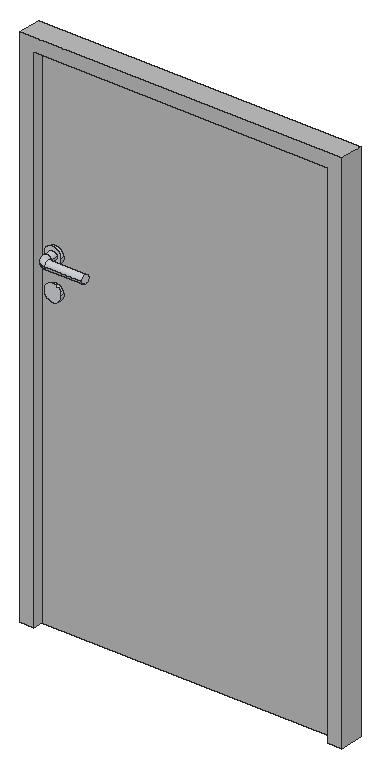
Revit family "BRU_Дверь_Однопольная_Стальная", category Двери, Revit 2021
Family settings
  Основа = Стена
  Номер OmniClass = 23.30.10.00
  Заголовок OmniClass = Doors
  Всегда вертикально = Да
  При загрузке вырезать с полостями = Нет
  Общий = Нет
  Точка принадлежности помещению = Нет
Parameters (values of type "ДСН-О-Н-EI30 1000х1600(h) Л")
  Четверть сверху.Размер [instance] = 30 mm
  Четверть сверху [instance] = if([Четверть (есть/нет)], Четверть сверху.Размер, 0 mm)  # 0 mm
  Четверть сбоку [instance] = if([Четверть (есть/нет)], Четверти сбоку.Размер, 0 mm)  # 0 mm
  Четверть (есть/нет) [instance] = no
  Четверти сбоку.Размер [instance] = 30 mm
  Угол в плане 30 [instance] = yes
  Тип полотна двери = Полотно : Глухое
  Ручка двери = none
  Рама двери.Ширина справа = 80 mm
  Рама двери.Ширина слева = 80 mm
  Рама двери.Ширина внизу = 80 mm
  Рама двери.Ширина вверху = 80 mm
  Полотно.Толщина = 40 mm
  Полотно двери. Высота = Height - Коробка.Ширина  # 1550 mm
  Площадь [instance] = Rough Width * Rough Height  # 1.4352 m²
  Откосы.Ширина [instance] = 530 mm
  Define Thermal Properties by = 1
  Fire Rating = ""
  О_Обозначение = ""
  О_Наименование = ""
  Наличник.Ширина [instance] = 60 mm
  Наличник.Толщина [instance] = 10 mm
  Наличник снаружи (есть/нет) [instance] = no
  Наличник внутри (есть/нет) [instance] = no
  Монтажный зазор снизу.Толщина [instance] = 130 mm
  Монтажный зазор сверху.Толщина = 20 mm
  Монтажный зазор сбоку.Толщина = 20 mm
  Коробка.Ширина = 30 mm
  Коробка.Толщина = 70 mm
  Type Comments = ""
  Защитное ограждение (есть/нет) = no
  Глубина выреза проема наружу [instance] = 200 mm
  Глубина выреза проема внутрь [instance] = 200 mm
  Глубина вставки двери [instance] = 0 mm
  Аналитическая конструкция = "<Нет>"
  Правая = no
  Полотно двери = none
  Остекление двери = none
  Левая = not(Правая)  # yes
  Огибание наружных слоев [instance] = 0 mm
  Width = 960 mm
  Rough Width [instance] = Width - Монтажный зазор сбоку.Толщина * 2  # 920 mm
  Rough Height [instance] = Height - Монтажный зазор сверху.Толщина  # 1560 mm
  Группа модели = "Дверь глухая с порогом"
  Manufacturer = ""
  Wall Closure = (empty or 0)
  Height = 1580 mm
  Описание = "Дверь деревянная внутренняя глухая"
  Тип конструкций = "Дверь деревянная"
  BRU_ДверьТип = "BRU_Дверь_Однопольная_Стальная_МОП_Противопожарная"
  ADSK_Этаж [instance] = ""
  ADSK_Толщина стены [instance] = 0 mm
  ADSK_Примечание [instance] = ""
  ADSK_Предел огнестойкости = "EI30"
  ADSK_Позиция [instance] = ""
  ADSK_Открывание = if(Правая, "Правая", "Левая")  # "Левая"
  ADSK_Обозначение = "ГОСТ 6629-88"  # constant formula
  ADSK_Наименование краткое = ""
  ADSK_Наименование = "ДСН-О-Н-EI30 1000х1600(h)"
  ADSK_Масса_Текст = ""
  ADSK_Количество [instance] = 0
  ADSK_Код изделия = ""
  ADSK_Зона [instance] = ""
  ADSK_Завод-изготовитель = ""
  ADSK_Единица измерения = ""
  ADSK_Группирование [instance] = ""
  ADSK_URL страницы изделия = ""
  ADSK_URL документации изделия = ""
Types (4, lengths in mm): name | Полотно двери. Высота | Площадь | Правая | Левая | Width | Rough Width | Rough Height | Группа модели | Height | ADSK_Предел огнестойкости | ADSK_Открывание | ADSK_Наименование
  ДСН-О-Н-EI30 1000х1600(h) Пр | 1550 | 1.4352 m² | yes | no | 960 | 920 | 1560 | "Дверь глухая с порогом" | 1580 | "EI30" | "Правая" | "ДСН-О-Н-EI30 1000х1600(h)"
  ДСН-О-Н-EI30 1000х1600(h) Л | 1550 | 1.4352 m² | no | yes | 960 | 920 | 1560 | "Дверь глухая с порогом" | 1580 | "EI30" | "Левая" | "ДСН-О-Н-EI30 1000х1600(h)"
  ДСВ-О-Вн-EI30 1250х2400(h) Пр | 2350 | 2.7612 m² | yes | no | 1210 | 1170 | 2360 | "Дверь глухая без порога" | 2380 | "EI30\r\n\r\n\r\n\r\n\r\nE30" | "Правая" | "ДСВ-О-Вн-EI30 1250х2400(h)"
  ДСВ-О-Вн-EI30 1250х2400(h) Л | 2350 | 2.7612 m² | no | yes | 1210 | 1170 | 2360 | "Дверь глухая без порога" | 2380 | "EI30\r\n\r\n\r\n\r\n\r\nE30" | "Левая" | "ДСВ-О-Вн-EI30 1250х2400(h)"
Reference planes
  plane 1: y = 0
  plane 2 "По центру (Влево/Вправо)": x = 0
  plane 3 "Слева": x = -460
  plane 4 "Справа": x = 460
  plane 5: z = 1730
  plane 6 "Наружный": y = 300
  plane 7 "Внутренние": y = -300
  plane 8 "Вставка двери": y = 300
  plane 9 "Четверть слева": x = -460
  plane 10 "Четверть справа": x = 460
  plane 11 "Четверть сверху": z = 1730
  plane 12 "Полотно двери": y = 260
  plane 13 "Рама внутри": y = 230
  plane 14 "Монтажный зазор слева": x = -480
  plane 15 "Монтажный зазор справа": x = 480
  plane 16 "Монтажный зазор сверху": z = 1710
  plane 17 "Глубина огибания наружного слоя": y = 300
  plane 18: y = 310
  plane 19: x = 450
  plane 20: y = -310
  plane 21: x = -450
  plane 22: y = 500
  plane 23: y = -500
  plane 24 "2": z = 130
Forms (mm)
  Extrusion 1, void
    sketch origin (0, 0, 0) x (1, 0, 0) y (0, 1, 0)
      loop
        line (460, 300) -> (-460, 300) -> (-460, -500) -> (460, -500) -> (460, 300)
    from 0 to 1730
  Extrusion 2, void
    sketch origin (0, 0, 0) x (1, 0, 0) y (0, 1, 0)
      loop
        line (460, 500) -> (-460, 500) -> (-460, 300) -> (460, 300) -> (460, 500)
    from 0 to 1730
  Sweep 3, solid, material <- "Полотно двери", visible <- "Наличник снаружи (есть/нет)", detail levels fine
    path origin (0, 300, 0) x (1, 0, 0) y (0, 0, 1)
      loop
        line (-460, 130) -> (-460, 1730) -> (460, 1730) -> (460, 130)
    profile origin (-460, 300, 930) x (-1, 0, 0) y (0, -1, 0)
      loop
        line (-10, 0) -> (-10, -5)
        arc (-10, -5) -> (-8.536, -8.536) -> (-5, -10) r 5
        line (-5, -10) -> (45, -10)
        arc (45, -10) -> (48.536, -8.536) -> (50, -5) r 5
        line (50, -5) -> (50, 0) -> (-10, 0)
  Sweep 4, solid, material <- "Полотно двери", visible <- "Наличник внутри (есть/нет)", detail levels fine
    path origin (0, -300, 0) x (1, 0, 0) y (0, 0, 1)
      loop
        line (-460, 130) -> (-460, 1730) -> (460, 1730) -> (460, 130)
    profile origin (-460, -300, 930) x (-1, 0, 0) y (0, -1, 0)
      loop
        line (20, 0) -> (80, 0) -> (80, 5)
        arc (80, 5) -> (78.536, 8.536) -> (75, 10) r 5
        line (75, 10) -> (25, 10)
        arc (25, 10) -> (21.464, 8.536) -> (20, 5) r 5
        line (20, 5) -> (20, 0)
  Sweep 5, solid, material <- "Полотно двери"
    path origin (0, 300, 0) x (-1, 0, 0) y (0, 0, 1)
      loop
        line (480, 130) -> (480, 1710) -> (-480, 1710) -> (-480, 130)
    profile origin (480, 300, 920) x (0, 1, 0) y (-1, 0, 0)
      loop
        line (0, 0) -> (0, 30) -> (-40, 30) -> (-40, 40) -> (-70, 40) -> (-70, 0) -> (0, 0)
  Sweep 6, solid, material <- "Полотно двери", visible <- "Наличник снаружи (есть/нет)", detail levels fine
    path origin (0, 300, 0) x (-1, 0, 0) y (0, 0, 1)
      loop
        line (460, 130) -> (460, 1730) -> (-460, 1730) -> (-460, 130)
    profile origin (460, 300, 930) x (0, 1, 0) y (-1, 0, 0)
      loop
        line (5, 0) -> (5, 10) -> (0, 10) -> (0, 0) -> (5, 0)
Cuts and joins
  joined: Sweep 3, Sweep 6
Lines and regions (mm)
  Masking region 1, detail levels fine
    outline origin (0, 0, 0) x (0, 1, 0) y (0, 0, 1)
      loop
        line (230, 1670) -> (260, 1670) -> (260, 1680) -> (300, 1680) -> (300, 1710) -> (230, 1710) -> (230, 1670)
  Masking region 2, detail levels fine
    outline origin (0, 0, 0) x (0, 1, 0) y (0, 0, 1)
      loop
        line (300, 130) -> (300, 1680) -> (260, 1680) -> (260, 130) -> (300, 130)
  Masking region 3, detail levels fine
    outline origin (0, 0, 0) x (0, 1, 0) y (0, 0, 1)
      loop
        line (230, 1670) -> (230, 130) -> (260, 130) -> (260, 1670) -> (230, 1670)
  Masking region 4, detail levels coarse+medium
    outline origin (0, 0, 0) x (0, 1, 0) y (0, 0, 1)
      loop
        line (300, 130) -> (300, 1730) -> (230, 1730) -> (230, 130) -> (300, 130)
Text (mm)
  text "Наружный" at (-2295.016, 1099.543, 0), in view "Опорный уровень "
  text "Наружный" at (0, 1615.38, 3698.081), in view "Слева"
  text "Наружный" at (0, 1036.032, 3874.932), in view "Справа"
Dimensions and locks
  equal spacing: plane 14 "Монтажный зазор слева", plane 2 "По центру (Влево/Вправо)", plane 15 "Монтажный зазор справа"
  "Width": plane 14 "Монтажный зазор слева" to plane 15 "Монтажный зазор справа"
  "Height": plane 16 "Монтажный зазор сверху" to plane 24 "2"
  host wall to plane 5 = 1730 mm  (x2)
  locked: plane 6 "Наружный" to host wall
  locked: plane 7 "Внутренние" to host wall
  "Четверть сбоку": plane 3 "Слева" to plane 9 "Четверть слева"
  "Четверть сбоку": plane 10 "Четверть справа" to plane 4 "Справа"
  "Глубина вставки двери": plane 6 "Наружный" to plane 8 "Вставка двери"
  "Наличник.Ширина": Sweep 3 sketch curve to plane 21
  "Коробка.Толщина": plane 8 "Вставка двери" to plane 13 "Рама внутри"
  "Полотно.Толщина": plane 8 "Вставка двери" to plane 12 "Полотно двери"
  "Огибание наружных слоев": plane 6 "Наружный" to plane 17 "Глубина огибания наружного слоя"
  "Наличник.Ширина": Sweep 4 sketch curve to Sweep 4 sketch curve
  locked: Sweep 4 sketch curve to Sweep 4 sketch curve at 5  (x4)
  locked: Sweep 3 sketch curve to Sweep 3 sketch curve at 5
  "Коробка.Ширина": Sweep 5 sketch curve to profile plane
  locked: Sweep 5 sketch curve to Sweep 5 sketch curve at 10
  "Наличник.Толщина": plane 7 "Внутренние" to plane 20
  "Наличник.Толщина": plane 18 to plane 6 "Наружный"
  "Наличник.Толщина": plane 9 "Четверть слева" to plane 21
  "Наличник.Толщина": plane 19 to plane 10 "Четверть справа"
  locked: plane 18 to Sweep 3 sketch curve at 5  (x2)
  locked: Sweep 3 sketch curve to plane 21 at 5
  locked: plane 18 to Sweep 6 sketch curve at 5
  "Откосы.Ширина": plane 7 "Внутренние" to plane 13 "Рама внутри"
  equal spacing: plane 3 "Слева", plane 2 "По центру (Влево/Вправо)", plane 4 "Справа"
  "Rough Width": plane 3 "Слева" to plane 4 "Справа"
  "Глубина выреза проема внутрь": plane 23 to plane 7 "Внутренние"
  "Глубина выреза проема наружу": plane 6 "Наружный" to plane 22
  "Монтажный зазор снизу.Толщина": level to plane 24 "2"
  "Монтажный зазор сверху.Толщина": plane 5 to plane 16 "Монтажный зазор сверху"
  "Четверть сверху": plane 5 to plane 11 "Четверть сверху"
  aligned and locked: plane 1 to host wall
  aligned and locked: plane 8 "Вставка двери" to Extrusion 1 sketch curve
  aligned and locked: plane 3 "Слева" to Extrusion 1 sketch curve
  aligned and locked: Extrusion 1 sketch curve to plane 4 "Справа"
  aligned and locked: Extrusion 1 to level
  aligned and locked: Extrusion 1 to plane 5
  aligned and locked: Extrusion 2 sketch curve to plane 8 "Вставка двери"
  aligned and locked: plane 10 "Четверть справа" to Extrusion 2 sketch curve
  aligned and locked: Extrusion 2 sketch curve to plane 9 "Четверть слева"
  aligned and locked: Extrusion 2 to level
  aligned and locked: plane 11 "Четверть сверху" to Extrusion 2
  aligned and locked: plane 9 "Четверть слева" to Sweep 3 sketch curve
  aligned and locked: plane 11 "Четверть сверху" to Sweep 3 sketch curve
  aligned and locked: plane 10 "Четверть справа" to Sweep 3 sketch curve
  aligned and locked: Sweep 4 sketch curve to plane 3 "Слева"
  aligned and locked: Sweep 4 sketch curve to plane 5
  aligned and locked: Sweep 4 sketch curve to plane 4 "Справа"
  aligned and locked: Sweep 4 sketch curve to plane 7 "Внутренние"
  aligned and locked: Sweep 5 sketch curve to plane 15 "Монтажный зазор справа"
  aligned and locked: Sweep 5 sketch curve to plane 16 "Монтажный зазор сверху"
  aligned and locked: Sweep 5 sketch curve to plane 14 "Монтажный зазор слева"
  aligned and locked: profile plane to Sweep 5 sketch curve
  aligned and locked: plane 13 "Рама внутри" to Sweep 5 sketch curve
  aligned and locked: plane 8 "Вставка двери" to Sweep 5 sketch curve
  aligned and locked: plane 12 "Полотно двери" to Sweep 5 sketch curve
  aligned and locked: plane 12 "Полотно двери" to nested 1
  aligned and locked: nested 1 to plane 8 "Вставка двери"
  aligned and locked: Sweep 5 to nested 1
  aligned and locked: nested 1 to Sweep 5  (x2)
  aligned and locked: plane 2 "По центру (Влево/Вправо)" to nested 2
  aligned and locked: nested 2 to plane 8 "Вставка двери"
  aligned and locked: plane 12 "Полотно двери" to nested 2
  aligned and locked: plane 13 "Рама внутри" to nested 2
  aligned and locked: plane 2 "По центру (Влево/Вправо)" to nested 3
  aligned and locked: plane 8 "Вставка двери" to nested 3
  aligned and locked: nested 3 to plane 12 "Полотно двери"
  aligned and locked: nested 3 to plane 13 "Рама внутри"
  aligned and locked: Sweep 4 sketch curve to plane 14 "Монтажный зазор слева"
  aligned and locked: profile plane to Sweep 3 sketch curve
  aligned and locked: Sweep 6 sketch curve to plane 11 "Четверть сверху"
  aligned and locked: plane 10 "Четверть справа" to Sweep 6 sketch curve  (x2)
  aligned and locked: plane 9 "Четверть слева" to Sweep 6 sketch curve
  aligned and locked: plane 8 "Вставка двери" to Sweep 6 sketch curve
  aligned and locked: plane 20 to Sweep 4 sketch curve
  aligned and locked: plane 18 to Sweep 3 sketch curve
  aligned and locked: Sweep 6 sketch curve to plane 19
  aligned and locked: Masking region 1 sketch curve to Sweep 5  (x2)
  aligned and locked: plane 12 "Полотно двери" to Masking region 1 sketch curve
  aligned and locked: plane 13 "Рама внутри" to Masking region 1 sketch curve
  aligned and locked: plane 8 "Вставка двери" to Masking region 1 sketch curve
  aligned and locked: plane 16 "Монтажный зазор сверху" to Masking region 1 sketch curve
  aligned and locked: plane 8 "Вставка двери" to Masking region 2 sketch curve
  aligned and locked: plane 12 "Полотно двери" to Masking region 2 sketch curve
  aligned and locked: Masking region 2 sketch curve to Sweep 5
  aligned and locked: Masking region 3 sketch curve to Sweep 5
  aligned and locked: plane 13 "Рама внутри" to Masking region 3 sketch curve
  aligned and locked: plane 12 "Полотно двери" to Masking region 3 sketch curve
  aligned and locked: plane 8 "Вставка двери" to Masking region 4 sketch curve
  aligned and locked: plane 13 "Рама внутри" to Masking region 4 sketch curve
  aligned and locked: plane 5 to Masking region 4 sketch curve
  aligned and locked: plane 22 to Extrusion 2 sketch curve
  aligned and locked: Extrusion 1 sketch curve to plane 23
  aligned and locked: plane 24 "2" to Sweep 5 sketch curve  (x2)
  aligned and locked: plane 24 "2" to Sweep 3 sketch curve  (x2)
  aligned and locked: plane 24 "2" to Sweep 6 sketch curve  (x2)
  aligned and locked: plane 24 "2" to Sweep 4 sketch curve  (x2)
  aligned and locked: Masking region 4 sketch curve to plane 24 "2"
  aligned and locked: Masking region 3 sketch curve to plane 24 "2"
  aligned and locked: Masking region 2 sketch curve to plane 24 "2"
Nested families
  nested 1: "Полотно" at (0, 300, 130), type <- "Тип полотна двери", Полотно двери.Высота <- "Полотно двери. Высота", type "Глухое"
    with Полотно двери.Ширина 900 mm, Полотно двери.Толщина 40 mm, Полотно двери.Высота 1550 mm, Правая no, Левая yes
  nested 2: "Обозначение на плане" at (0, 300, 0), Ширина двери <- "Rough Width", visible <- "Правая", Монтажный зазор <- "Монтажный зазор сбоку.Толщина", Ширина коробки <- "Коробка.Ширина", Толщина полотна двери <- "Полотно.Толщина", Толщина коробки <- "Коробка.Толщина", type "По-умолчанию"
    with Ширина полотна двери 820 mm, Ширина коробки 30 mm, Ширина двери 920 mm, Толщина полотна двери 40 mm, Толщина коробки 70 mm, Монтажный зазор 20 mm
  nested 3: "Обозначение на плане" at (0, 300, 0) x (-1, 0, 0) z (0, 0, 1), Ширина двери <- "Rough Width", visible <- "Левая", Монтажный зазор <- "Монтажный зазор сбоку.Толщина", Ширина коробки <- "Коробка.Ширина", Толщина полотна двери <- "Полотно.Толщина", Толщина коробки <- "Коробка.Толщина", type "По-умолчанию"
    with Ширина полотна двери 820 mm, Ширина коробки 30 mm, Ширина двери 920 mm, Толщина полотна двери 40 mm, Толщина коробки 70 mm, Монтажный зазор 20 mm
Definition of nested family "Полотно"
  Parameters (values of type "Глухое")
    Ручка.Отступ от края = 50 mm
    Ручка.Высота расположения = 1000 mm
    Ручка двери = none
    Рама справа.Ширина = 150 mm
    Рама слева.Ширина = 150 mm
    Рама внизу.Ширина = 600 mm
    Рама вверху.Ширина = 150 mm
    Правая = yes
    Полотно остекленное = no
    Полотно двери.Ширина [instance] = 1000 mm
    Полотно двери.Толщина [instance] = 40 mm
    Полотно двери.Высота [instance] = 2100 mm
    Полотно двери = none
    Полотно глухое = yes
    Остекление двери = none
    Левая = not(Правая)  # no
    Защитные ограждения = no
    Analytic Construction = "<Нет>"
  Types (2, lengths in mm): name | Рама справа.Ширина | Рама слева.Ширина | Рама внизу.Ширина | Рама вверху.Ширина | Полотно остекленное | Полотно глухое
    Глухое | 150 | 150 | 600 | 150 | no | yes
    Остекленное | 80 | 80 | 80 | 80 | yes | no
  Reference planes
    plane 1 "Center (Front/Back)": y = 0
    plane 2: z = 0
    plane 3 "Center (Left/Right)": x = 0
    plane 4: x = -500
    plane 5: x = 500
    plane 6 "Back": y = -40
    plane 7: z = 2100
    plane 8 "Высота расположения ручки": z = 1000
    plane 9 "Отступ ручки справа": x = 450
    plane 10 "Отступ ручки слева": x = -450
    plane 11 "Остекление снаружи": y = -8
    plane 12 "Остекление внутри": y = -32
    plane 13 "Ширина рамы справа": x = -350
    plane 14 "Ширина рамы слева": x = 350
    plane 15 "Ширина рамы внизу": z = 600
    plane 16 "Ширина рамы вверху": z = 1950
    plane 17: z = 950
    plane 18: z = 800
    plane 19: z = 650
    plane 20: z = 1050
  Forms (mm)
    Extrusion 1, solid, material <- "Полотно двери", visible <- "Полотно глухое"
      sketch origin (0, 0, 0) x (1, 0, 0) y (0, 0, 1)
        loop
          line (-500, 2100) -> (-500, 0) -> (500, 0) -> (500, 2100) -> (-500, 2100)
      from 0 to 40 <- "Полотно двери.Толщина"
    Extrusion 2, solid, material <- "Полотно двери", visible <- "Полотно остекленное"
      sketch origin (0, 0, 0) x (1, 0, 0) y (0, 0, 1)
        loop
          line (-500, 2100) -> (-500, 0) -> (500, 0) -> (500, 2100) -> (-500, 2100)
        loop
          line (-350, 600) -> (350, 600) -> (350, 1950) -> (-350, 1950) -> (-350, 600)
      from 0 to 40
    Extrusion 3, solid, material <- "Остекление двери", visible <- "Полотно остекленное"
      sketch origin (-646.608, -8, 1200) x (-1, 0, 0) y (0, 0, 1)
        loop
          line (-296.608, 750) -> (-996.608, 750) -> (-996.608, -600) -> (-296.608, -600) -> (-296.608, 750)
      from 0 to -24
    Sweep 4, solid, material <- "Ручка двери", visible <- "Защитные ограждения", detail levels medium+fine
      path origin (-858.179, -1524, 950) x (-1, 0, 0) y (0, -1, 0)
        loop
          arc (-478.179, -1469) -> (-482.572, -1458.393) -> (-493.179, -1454) r 15
          line (-493.179, -1454) -> (-1223.179, -1454)
          arc (-1223.179, -1454) -> (-1233.785, -1458.393) -> (-1238.179, -1469) r 15
          line (-1238.179, -1469) -> (-1238.179, -1539)
          arc (-1238.179, -1539) -> (-1233.785, -1549.607) -> (-1223.179, -1554) r 15
          line (-1223.179, -1554) -> (-493.179, -1554)
          arc (-493.179, -1554) -> (-482.572, -1549.607) -> (-478.179, -1539) r 15
          line (-478.179, -1539) -> (-478.179, -1469)
      profile origin (-380, -20, 950) x (-1, 0, 0) y (0, 0, 1)
        loop
          circle (0, 0) r 10
    Sweep 5, solid, material <- "Ручка двери", visible <- "Защитные ограждения", detail levels medium+fine
      path origin (-858.179, -1524, 800) x (-1, 0, 0) y (0, -1, 0)
        loop
          arc (-478.179, -1469) -> (-482.572, -1458.393) -> (-493.179, -1454) r 15
          line (-493.179, -1454) -> (-1223.179, -1454)
          arc (-1223.179, -1454) -> (-1233.785, -1458.393) -> (-1238.179, -1469) r 15
          line (-1238.179, -1469) -> (-1238.179, -1539)
          arc (-1238.179, -1539) -> (-1233.785, -1549.607) -> (-1223.179, -1554) r 15
          line (-1223.179, -1554) -> (-493.179, -1554)
          arc (-493.179, -1554) -> (-482.572, -1549.607) -> (-478.179, -1539) r 15
          line (-478.179, -1539) -> (-478.179, -1469)
      profile origin (-380, -20, 800) x (-1, 0, 0) y (0, 0, 1)
        loop
          circle (0, 0) r 10
    Sweep 6, solid, material <- "Ручка двери", visible <- "Защитные ограждения", detail levels medium+fine
      path origin (-858.179, -1524, 650) x (-1, 0, 0) y (0, -1, 0)
        loop
          arc (-478.179, -1469) -> (-482.572, -1458.393) -> (-493.179, -1454) r 15
          line (-493.179, -1454) -> (-1223.179, -1454)
          arc (-1223.179, -1454) -> (-1233.785, -1458.393) -> (-1238.179, -1469) r 15
          line (-1238.179, -1469) -> (-1238.179, -1539)
          arc (-1238.179, -1539) -> (-1233.785, -1549.607) -> (-1223.179, -1554) r 15
          line (-1223.179, -1554) -> (-493.179, -1554)
          arc (-493.179, -1554) -> (-482.572, -1549.607) -> (-478.179, -1539) r 15
          line (-478.179, -1539) -> (-478.179, -1469)
      profile origin (-380, -20, 650) x (-1, 0, 0) y (0, 0, 1)
        loop
          circle (0, 0) r 10
  Lines and regions (mm)
    symbolic lines, visible <- "Правая", detail levels medium
      curve 1: line (-500, 0, 0) -> (500, 0, 1050)
      curve 2: line (500, 0, 1050) -> (-500, 0, 2100)
    symbolic lines, visible <- "Левая", detail levels medium
      curve 3: line (500, 0, 0) -> (-500, 0, 1050)
      curve 4: line (-500, 0, 1050) -> (500, 0, 2100)
  Dimensions and locks
    "Полотно двери.Толщина": plane 1 "Center (Front/Back)" to plane 6 "Back"
    equal spacing: plane 4, plane 3 "Center (Left/Right)", plane 5
    "Полотно двери.Ширина": plane 4 to plane 5
    "Полотно двери.Высота": plane 7 to plane 2
    "Ручка.Высота расположения": plane 8 "Высота расположения ручки" to level
    "Ручка.Отступ от края": plane 5 to plane 9 "Отступ ручки справа"
    "Ручка.Отступ от края": plane 10 "Отступ ручки слева" to plane 4
    locked: plane 12 "Остекление внутри" to plane 6 "Back" at 8
    locked: plane 1 "Center (Front/Back)" to plane 11 "Остекление снаружи" at 8
    "Рама вверху.Ширина": plane 7 to plane 16 "Ширина рамы вверху"
    "Рама внизу.Ширина": plane 15 "Ширина рамы внизу" to plane 2
    "Рама справа.Ширина": plane 5 to plane 14 "Ширина рамы слева"
    "Рама слева.Ширина": plane 13 "Ширина рамы справа" to plane 4
    locked: plane 17 to plane 2 at 950
    plane 17 to plane 18 to plane 19 = 150 mm locked, 150 mm locked
    locked: plane 1 "Center (Front/Back)" to Sweep 4 sketch curve at 30
    locked: Sweep 4 sketch curve to profile plane at 0
    locked: profile plane to Sweep 4 sketch curve at 0
    locked: Sweep 4 sketch curve to plane 6 "Back" at 30
    locked: Sweep 5 sketch curve to profile plane at 0
    locked: profile plane to Sweep 5 sketch curve at 0
    locked: Sweep 5 sketch curve to plane 6 "Back" at 30
    locked: plane 1 "Center (Front/Back)" to Sweep 5 sketch curve at 30
    locked: Sweep 6 sketch curve to profile plane at 0
    locked: profile plane to Sweep 6 sketch curve at 0
    locked: Sweep 6 sketch curve to plane 6 "Back" at 30
    locked: plane 1 "Center (Front/Back)" to Sweep 6 sketch curve at 30
    equal spacing: plane 7, plane 20, plane 2
    locked: Sweep 4 sketch curve to plane 13 "Ширина рамы справа" at 30
    locked: plane 14 "Ширина рамы слева" to Sweep 4 sketch curve at 30
    locked: plane 14 "Ширина рамы слева" to Sweep 5 sketch curve at 30
    locked: Sweep 5 sketch curve to plane 13 "Ширина рамы справа" at 30
    locked: Sweep 6 sketch curve to plane 13 "Ширина рамы справа" at 30
    locked: plane 14 "Ширина рамы слева" to Sweep 6 sketch curve at 30
    locked: Sweep 4 sketch curve to Sweep 4 sketch curve at 15  (x8)
    locked: Sweep 5 sketch curve to Sweep 5 sketch curve at 15  (x8)
    locked: Sweep 6 sketch curve to Sweep 6 sketch curve at 15  (x8)
    aligned and locked: level to plane 2
    aligned and locked: Extrusion 1 sketch curve to plane 7
    aligned and locked: plane 4 to Extrusion 1 sketch curve
    aligned and locked: plane 2 to Extrusion 1 sketch curve
    aligned and locked: Extrusion 1 sketch curve to plane 5
    aligned and locked: Extrusion 1 to plane 1 "Center (Front/Back)"
    aligned and locked: Extrusion 1 to plane 6 "Back"
    aligned and locked: nested 1 to plane 10 "Отступ ручки слева"
    aligned and locked: plane 1 "Center (Front/Back)" to nested 1
    aligned and locked: plane 6 "Back" to nested 1
    aligned and locked: plane 8 "Высота расположения ручки" to nested 1
    aligned and locked: nested 2 to plane 1 "Center (Front/Back)"
    aligned and locked: nested 2 to plane 6 "Back"
    aligned and locked: nested 2 to plane 9 "Отступ ручки справа"
    aligned and locked: nested 2 to plane 8 "Высота расположения ручки"
    aligned and locked: Extrusion 2 sketch curve to plane 4
    aligned and locked: Extrusion 2 sketch curve to plane 5
    aligned and locked: Extrusion 2 sketch curve to plane 7
    aligned and locked: Extrusion 2 sketch curve to plane 2
    aligned and locked: Extrusion 2 sketch curve to plane 15 "Ширина рамы внизу"
    aligned and locked: Extrusion 2 sketch curve to plane 13 "Ширина рамы справа"
    aligned and locked: Extrusion 2 sketch curve to plane 14 "Ширина рамы слева"
    aligned and locked: Extrusion 2 sketch curve to plane 16 "Ширина рамы вверху"
    aligned and locked: Extrusion 2 to plane 1 "Center (Front/Back)"
    aligned and locked: Extrusion 2 to plane 6 "Back"
    aligned and locked: plane 13 "Ширина рамы справа" to Extrusion 3 sketch curve
    aligned and locked: plane 14 "Ширина рамы слева" to Extrusion 3 sketch curve
    aligned and locked: plane 16 "Ширина рамы вверху" to Extrusion 3 sketch curve
    aligned and locked: plane 15 "Ширина рамы внизу" to Extrusion 3 sketch curve
    aligned and locked: Extrusion 3 to plane 11 "Остекление снаружи"
    aligned and locked: Extrusion 3 to plane 12 "Остекление внутри"
    aligned and locked: plane 4 to curve 1
    aligned and locked: plane 2 to curve 1
    aligned and locked: plane 5 to curve 2
    aligned and locked: plane 20 to curve 1
    aligned and locked: plane 7 to Extrusion 2
    aligned and locked: plane 4 to Extrusion 2
  Automatic sketch dimensions
    curve 3 to plane 4 = 0 mm
    curve 2 to plane 4 = 0 mm
    curve 3 to level = 0 mm
    curve 3 to plane 5 = 0 mm
    curve 4 to plane 5 = 0 mm
    curve 4 to plane 20 = 0 mm
    curve 4 to plane 7 = 0 mm
    curve 2 to plane 7 = 0 mm
    radius of Sweep 4 sketch curve = 10 mm
    radius of Sweep 5 sketch curve = 10 mm
    radius of Sweep 6 sketch curve = 10 mm
  Nested families
    nested 1: "Дверная ручка" at (-450, 0, 1000), visible <- "Левая", Полотно двери.Толщина <- "Полотно двери.Толщина", type "Дверная ручка", detail levels fine
      with Полотно двери.Толщина 40 mm
    nested 2: "Дверная ручка" at (450, 0, 1000) x (-1, 0, 0) z (0, 0, 1), visible <- "Правая", Полотно двери.Толщина <- "Полотно двери.Толщина", type "Дверная ручка", detail levels fine
      with Полотно двери.Толщина 40 mm
  Definition of nested family "Дверная ручка"
    Parameters (values of type "Дверная ручка")
      Полотно двери.Толщина [instance] = 40 mm
      Дверная ручка = none
      Analytic Construction = "<Нет>"
    Reference planes
      plane 1 "Center (Front/Back)": y = 0
      plane 2: z = 0
      plane 3 "Center (Left/Right)": x = 0
      plane 4: y = -40
      plane 5: z = -100
    Forms (mm)
      Sweep 1, solid, material <- "Дверная ручка", detail levels medium+fine
        path origin (0, 0, 0) x (1, 0, 0) y (0, 1, 0)
          loop
            line (130, 50) -> (20, 50)
            arc (20, 50) -> (5.858, 44.142) -> (0, 30) r 20
            line (0, 30) -> (0, -70)
            arc (0, -70) -> (5.858, -84.142) -> (20, -90) r 20
            line (20, -90) -> (130, -90)
        profile origin (0, -20, 0) x (1, 0, 0) y (0, 0, 1)
          loop
            circle (0, 0) r 12
      Extrusion 2, solid, material <- "Дверная ручка", detail levels medium+fine
        sketch origin (-2000, -40, 1200) x (-1, 0, 0) y (0, 0, 1)
          loop
            circle (-2000, -1200) r 25
        from 48 to -8
      Extrusion 3, solid, material <- "Дверная ручка", detail levels medium+fine
        sketch origin (-2000, -40, 1100) x (-1, 0, 0) y (0, 0, 1)
          loop
            circle (-2000, -1200) r 25
        from 48 to -8
    Cuts and joins
      joined: Sweep 1, Extrusion 2
    Dimensions and locks
      "Полотно двери.Толщина": plane 1 "Center (Front/Back)" to plane 4
      locked: Sweep 1 sketch curve to plane 4 at 50
      locked: plane 1 "Center (Front/Back)" to Sweep 1 sketch curve at 50
      locked: plane 4 to Sweep 1 sketch curve at 30
      locked: plane 1 "Center (Front/Back)" to Sweep 1 sketch curve at 30
      locked: plane 3 "Center (Left/Right)" to Sweep 1 sketch curve at 20  (x2)
      locked: plane 4 to Extrusion 2 at 8
      locked: Extrusion 3 sketch curve to plane 5 at 0
      locked: plane 3 "Center (Left/Right)" to Extrusion 3 sketch curve at 0
      locked: plane 1 "Center (Front/Back)" to cut or joined group of Sweep 1, Extrusion 2 at 8
      locked: Extrusion 3 to plane 1 "Center (Front/Back)" at 8
      aligned and locked: level to plane 2
      aligned and locked: Sweep 1 sketch curve to plane 3 "Center (Left/Right)"
    Automatic sketch dimensions
      Sweep 1 sketch curve to Sweep 1 sketch curve = 110 mm  (x2)
      Sweep 1 sketch curve to level = 0 mm
      profile plane to Sweep 1 sketch curve = 0 mm
      Extrusion 2 sketch curve to level = 0 mm
      Extrusion 2 sketch curve to plane 3 "Center (Left/Right)" = 0 mm
      radius of Sweep 1 sketch curve = 12 mm
      radius of Extrusion 2 sketch curve = 25 mm
      radius of Extrusion 3 sketch curve = 25 mm
Definition of nested family "Обозначение на плане"
  Parameters (values of type "По-умолчанию")
    Ширина полотна двери [instance] = Ширина двери - 60 mm - Монтажный зазор * 2  # 600 mm
    Ширина коробки [instance] = 30 mm
    Ширина двери [instance] = 700 mm
    Толщина полотна двери [instance] = 40 mm
    Толщина коробки [instance] = 80 mm
    Открывание двери.30° = yes
    Открывание двери.90° = not(Открывание двери.30°)  # no
    Монтажный зазор [instance] = 20 mm
    Линия открывания.Дуга = not(Открывание двери.30°)  # no
  Reference planes
    plane 1 "Center (Front/Back)": y = 0
    plane 2: z = 0
    plane 3 "Center (Left/Right)": x = 0
    plane 4: x = -350
    plane 5: x = 350
    plane 6 "Толщина коробки": y = -80
    plane 7 "Толщина полотна": y = -40
    plane 8: x = -330
    plane 9: x = 330
    plane 10: x = -300
    plane 11: x = 300
  Lines and regions (mm)
    Masking region 1, in view "Ref. Level", visible <- "Открывание двери.90°", detail levels fine
      outline origin (0, 140, 0) x (1, 0, 0) y (0, 1, 0)
        loop
          line (-300, -140) -> (-260, -140) -> (-260, 460) -> (-300, 460) -> (-300, -140)
    detail lines, in view "Ref. Level", visible <- "Открывание двери.90°", detail levels coarse+medium
      curve 1: line (-350, 0, 0) -> (-350, 700, 0)
    detail lines, in view "Ref. Level", visible <- "Линия открывания.Дуга", detail levels coarse+medium
      curve 2: arc (350, 0, 0) -> (144.975, 494.975, 0) -> (-350, 700, 0) r 700
    detail lines, in view "Ref. Level", visible <- "Открывание двери.30°", detail levels coarse+medium
      curve 3: line (-350, 0, 0) -> (256.218, 350, 0)
    detail lines, in view "Ref. Level", visible <- "Линия открывания.Дуга", detail levels fine
      curve 4: arc (300, 0, 0) -> (138.178, 409.878, 0) -> (-260, 598.665, 0) r 600
    detail lines, in view "Ref. Level", visible <- "Открывание двери.30°", detail levels fine
      curve 5: arc (300, 0, 0) -> (284.107, 137.181, 0) -> (237.271, 267.096, 0) r 600
    detail lines, in view "Ref. Level"
      curve 6: line (-300, 0, 0) -> (219.615, 300, 0)
      curve 7: line (-300, 0, 0) -> (-280, -34.641, 0)
      curve 8: line (-280, -34.641, 0) -> (239.615, 265.359, 0)
      curve 9: line (219.615, 300, 0) -> (239.615, 265.359, 0)
      curve 10: line (-300, 0, 0) -> (-330, 0, 0)
      curve 11: line (-330, 0, 0) -> (-330, -80, 0)
      curve 12: line (-330, -80, 0) -> (-290, -80, 0)
      curve 13: line (-290, -80, 0) -> (-290, -40, 0)
      curve 14: line (-290, -40, 0) -> (-300, -40, 0)
      curve 15: line (-300, 0, 0) -> (-300, -40, 0)
      curve 16: line (-330, 0, 0) -> (-350, 0, 0)
      curve 17: line (-350, -80, 0) -> (-330, -80, 0)
      curve 18: line (-350, 0, 0) -> (-350, -80, 0)
      curve 19: line (-330, 0, 0) -> (-330, -80, 0)
      curve 20: line (300, -40, 0) -> (300, 0, 0)
      curve 21: line (330, 0, 0) -> (330, -80, 0)
      curve 22: line (330, -80, 0) -> (290, -80, 0)
      curve 23: line (290, -80, 0) -> (290, -40, 0)
      curve 24: line (290, -40, 0) -> (300, -40, 0)
      curve 25: line (300, 0, 0) -> (330, 0, 0)
      curve 26: line (330, 0, 0) -> (350, 0, 0)
      curve 27: line (330, -80, 0) -> (330, 0, 0)
      curve 28: line (350, -80, 0) -> (330, -80, 0)
      curve 29: line (350, 0, 0) -> (350, -80, 0)
  Dimensions and locks
    equal spacing: plane 4, plane 3 "Center (Left/Right)", plane 5
    "Ширина двери": plane 4 to plane 5
    "Ширина двери": plane 1 "Center (Front/Back)" to curve 1
    "Ширина двери": curve 3 to curve 3
    "Толщина полотна двери": plane 1 "Center (Front/Back)" to plane 7 "Толщина полотна"
    "Толщина коробки": plane 1 "Center (Front/Back)" to plane 6 "Толщина коробки"
    "Монтажный зазор": plane 4 to plane 8
    "Монтажный зазор": plane 9 to plane 5
    "Ширина полотна двери": Masking region 1 sketch curve to Masking region 1 sketch curve
    "Толщина полотна двери": Masking region 1 sketch curve to Masking region 1 sketch curve
    "Ширина коробки": plane 8 to plane 10
    "Ширина коробки": plane 11 to plane 9
    "Ширина полотна двери": radius of curve 4
    "Ширина полотна двери": radius of curve 5
    locked: plane 1 "Center (Front/Back)" to curve 3 (angle 30.00°)
    aligned and locked: plane 1 "Center (Front/Back)" to curve 1
    aligned and locked: plane 1 "Center (Front/Back)" to curve 2
    aligned and locked: plane 4 to curve 3
    aligned and locked: Masking region 1 sketch curve to plane 1 "Center (Front/Back)"
  Automatic sketch dimensions
    curve 4 to curve 5 = 0 mm
    curve 11 to plane 6 "Толщина коробки" = 0 mm
    curve 11 to plane 8 = 0 mm
    curve 15 to plane 10 = 0 mm
    curve 5 to plane 10 = 0 mm
    curve 13 to plane 7 "Толщина полотна" = 0 mm
    curve 23 to plane 6 "Толщина коробки" = 0 mm
    curve 23 to plane 7 "Толщина полотна" = 0 mm
    curve 21 to plane 9 = 0 mm
    plane 10 to curve 12 = 10 mm
    plane 7 "Толщина полотна" to curve 7 = 5.359 mm
    curve 13 to curve 7 = 10 mm
    curve 23 to plane 11 = 10 mm
    plane 10 to curve 4 = 40 mm
    curve 9 to curve 6 = 0 mm
    curve 5 to curve 8 = 2.344 mm
    Masking region 1 sketch curve to plane 10 = 0 mm
